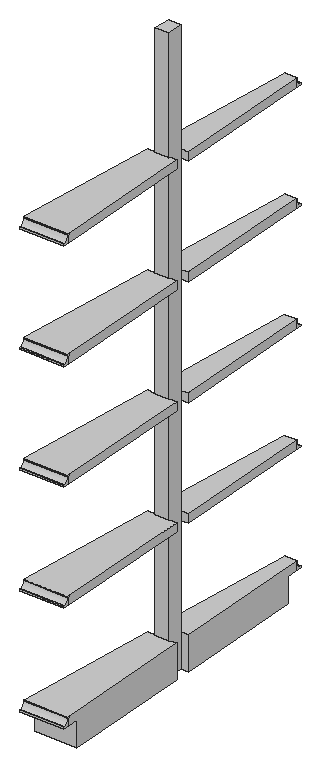
Revit family "RC49", category Specialty Equipment, Revit 2012
Parameters (values of type "Spacer System 6 Degree Radius (Default)")
  URL = "http://madixinc.com/display/maxiline/shelves.html"
  Model = "Spacer System"
  Manufacturer = "© 2012 Madix Inc. All rights reserved."
  Height = 8' - 0"
  Inside Radius Base Shelf [instance] = yes
  Inside Radius 2' Shelf [instance] = yes
  Inside Radius 3' 6" Shelf [instance] = yes
  Inside Radius 5' Shelf [instance] = yes
  Inside Radius 6' 6" Shelf [instance] = yes
  Outside Radiusn Base Shelf [instance] = yes
  Outside Radius 2' Shelf [instance] = yes
  Outside Radius 3' 6" Shelf [instance] = yes
  Outside Radius 5' Shelf [instance] = yes
  Outside Radius 6' 6" Shelf [instance] = yes
  Outside Radius Shelf Depth = 2' - 0"
  Inside Radius Shelf Depth = 2' - 0"
Reference planes (in)
  plane 1 "Center (Front/Back)": y = 0
  plane 2: z = 0
  plane 3 "Center (Left/Right)": x = 0
  plane 4: through (-1, 25.375, 48) normal (0.9986, -0.0523, 0)
  plane 5: through (1, 25.375, 48) normal (0.9986, 0.0523, 0)
  plane 6: through (2.25779, 1.375, 48) normal (-0.0523, 0.9986, 0)
  plane 7: through (2.40191, -1.375, 48) normal (-0.0523, 0.9986, 0)
  plane 8: through (0.81152, 5.12197, 48) normal (0.9986, 0.0523, 0)
  plane 9: through (-2.25779, 1.375, 48) normal (-0.0523, -0.9986, 0)
  plane 10: through (-2.40191, -1.375, 48) normal (-0.0523, -0.9986, 0)
  plane 11: through (-0.81152, 5.12197, 48) normal (0.9986, -0.0523, 0)
  plane 12: y = 1.30967
  plane 13: y = -1.44033
  plane 14: z = 5.5
  plane 15: y = -25.44033
  plane 16: y = 25.30967
  plane 17: y = -23.44033
  plane 18: y = 23.30967
  plane 19: z = 4.125
  plane 20: y = -25.31533
  plane 21: z = 23.5
  plane 22: z = 22.125
  plane 23: z = 41.5
  plane 24: z = 59.5
  plane 25: z = 77.5
  plane 26: z = 40.125
  plane 27: z = 58.125
  plane 28: z = 76.125
  plane 29: y = 25.43467
  plane 30: z = 96
Forms (in)
  Extrusion 1, solid, material "Metal - Steel"
    sketch origin (0, 0, 0) x (1, 0, 0) y (0, 1, 0)
      loop
        line (-1.01131, 1.30967) -> (-1.15543, -1.44033) -> (1.15543, -1.44033) -> (1.01131, 1.30967) -> (-1.01131, 1.30967)
    from 0 to 96
  Extrusion 2, solid, material "Metal - Steel"
    sketch origin (0, 0, 0) x (1, 0, 0) y (0, 1, 0)
      loop
        line (-1.01131, 1.30967) -> (1.01131, 1.30967) -> (2.25779, 1.375) -> (1.00997, 25.18467) -> (-1.00997, 25.18467) -> (-2.25779, 1.375) -> (-1.01131, 1.30967)
    from 4.125 to 5.5
  Extrusion 3, solid, material "Metal - Steel"
    sketch origin (0, 0, 0) x (1, 0, 0) y (0, 1, 0)
      loop
        line (-3.5583, -23.44033) -> (3.5583, -23.44033) -> (2.40191, -1.375) -> (1.15543, -1.44033) -> (-1.15543, -1.44033) -> (-2.40191, -1.375) -> (-3.5583, -23.44033)
    from 0 to 4.125
  Extrusion 4, solid, material "Metal - Steel"
    sketch origin (0, 0, 0) x (1, 0, 0) y (0, 1, 0)
      loop
        line (-2.25779, 1.375) -> (-1.01131, 1.30967) -> (1.01131, 1.30967) -> (2.25779, 1.375) -> (1.10824, 23.30967) -> (-1.10824, 23.30967) -> (-2.25779, 1.375)
    from 0 to 4.125
  Extrusion 5, solid, material "Metal - Steel"
    sketch origin (0, 0, 0) x (1, 0, 0) y (0, 1, 0)
      loop
        line (-2.40191, -1.375) -> (-3.65657, -25.31533) -> (3.65657, -25.31533) -> (2.40191, -1.375) -> (1.15543, -1.44033) -> (-1.15543, -1.44033) -> (-2.40191, -1.375)
    from 4.125 to 5.5
  Sweep 6, solid, material "Metal - Steel"
    path in 3D
      loop
        line (-3.65657, -25.31533, 5.5) -> (3.65657, -25.31533, 5.5)
    profile origin (0, -25.31533, 5.5) x (0, 1, 0) y (0, 0, 1)
      loop
        line (0, 0) -> (-0.25, 0) -> (-0.25, -0.125) -> (-0.125, -0.125)
        arc (-0.125, -0.125) -> (-0.38696, -0.76286) -> (-0.875, -1.25) r 1.75
        line (-0.875, -1.25) -> (-0.875, -1.125) -> (-1, -1.125) -> (-1, -1.375) -> (0, -1.375) -> (0, 0)
  Sweep 7, solid, material "Metal - Steel"
    path in 3D
      loop
        line (1.00997, 25.18467, 5.5) -> (-1.00997, 25.18467, 5.5)
    profile origin (0, 25.18467, 5.5) x (0, -1, 0) y (0, 0, 1)
      loop
        line (0, 0) -> (-0.25, 0) -> (-0.25, -0.125) -> (-0.125, -0.125)
        arc (-0.125, -0.125) -> (-0.38696, -0.76286) -> (-0.875, -1.25) r 1.75
        line (-0.875, -1.25) -> (-0.875, -1.125) -> (-1, -1.125) -> (-1, -1.375) -> (0, -1.375) -> (0, 0)
  Extrusion 8, solid, material "Metal - Steel"
    sketch origin (0, 0, 11) x (0, -1, 0) y (1, 0, 0)
      loop
        line (1.375, -2.40191) -> (25.31533, -3.65657) -> (25.31533, 3.65657) -> (1.375, 2.40191) -> (1.44033, 1.15543) -> (1.44033, -1.15543) -> (1.375, -2.40191)
    from 11.125 to 12.5
  Extrusion 9, solid, material "Metal - Steel"
    sketch origin (0, 0, 36) x (1, 0, 0) y (0, 1, 0)
      loop
        line (-2.40191, -1.375) -> (-3.65657, -25.31533) -> (3.65657, -25.31533) -> (2.40191, -1.375) -> (1.15543, -1.44033) -> (-1.15543, -1.44033) -> (-2.40191, -1.375)
    from 4.125 to 5.5
  Extrusion 10, solid, material "Metal - Steel"
    sketch origin (0, 0, 36) x (1, 0, 0) y (0, 1, 0)
      loop
        line (-2.40191, -1.375) -> (-3.65657, -25.31533) -> (3.65657, -25.31533) -> (2.40191, -1.375) -> (1.15543, -1.44033) -> (-1.15543, -1.44033) -> (-2.40191, -1.375)
    from 22.125 to 23.5
  Extrusion 11, solid, material "Metal - Steel"
    sketch origin (0, 0, 80.25) x (0, -1, 0) y (1, 0, 0)
      loop
        line (1.375, -2.40191) -> (25.31533, -3.65657) -> (25.31533, 3.65657) -> (1.375, 2.40191) -> (1.44033, 1.15543) -> (1.44033, -1.15543) -> (1.375, -2.40191)
    from -4.125 to -2.75
  Extrusion 12, solid, material "Metal - Steel"
    sketch origin (0, 0, 11) x (0, -1, 0) y (1, 0, 0)
      loop
        line (-1.30967, -1.01131) -> (-1.30967, 1.01131) -> (-1.375, 2.25779) -> (-25.18467, 1.00997) -> (-25.18467, -1.00997) -> (-1.375, -2.25779) -> (-1.30967, -1.01131)
    from 11.125 to 12.5
  Extrusion 13, solid, material "Metal - Steel"
    sketch origin (0, 0, 36) x (1, 0, 0) y (0, 1, 0)
      loop
        line (-1.01131, 1.30967) -> (1.01131, 1.30967) -> (2.25779, 1.375) -> (1.00997, 25.18467) -> (-1.00997, 25.18467) -> (-2.25779, 1.375) -> (-1.01131, 1.30967)
    from 4.125 to 5.5
  Extrusion 14, solid, material "Metal - Steel"
    sketch origin (0, 0, 47) x (0, -1, 0) y (1, 0, 0)
      loop
        line (-1.30967, -1.01131) -> (-1.30967, 1.01131) -> (-1.375, 2.25779) -> (-25.18467, 1.00997) -> (-25.18467, -1.00997) -> (-1.375, -2.25779) -> (-1.30967, -1.01131)
    from 11.125 to 12.5
  Extrusion 15, solid, material "Metal - Steel"
    sketch origin (0, 0, 72) x (1, 0, 0) y (0, 1, 0)
      loop
        line (-1.01131, 1.30967) -> (1.01131, 1.30967) -> (2.25779, 1.375) -> (1.00997, 25.18467) -> (-1.00997, 25.18467) -> (-2.25779, 1.375) -> (-1.01131, 1.30967)
    from 4.125 to 5.5
  Sweep 16, solid, material "Metal - Steel"
    path in 3D
      loop
        line (-3.65657, -25.31533, 23.5) -> (3.65657, -25.31533, 23.5)
    profile origin (0, -25.31533, 23.5) x (0, 1, 0) y (0, 0, 1)
      loop
        line (0, 0) -> (-0.25, 0) -> (-0.25, -0.125) -> (-0.125, -0.125)
        arc (-0.125, -0.125) -> (-0.38696, -0.76286) -> (-0.875, -1.25) r 1.75
        line (-0.875, -1.25) -> (-0.875, -1.125) -> (-1, -1.125) -> (-1, -1.375) -> (0, -1.375) -> (0, 0)
  Sweep 17, solid, material "Metal - Steel"
    path in 3D
      loop
        line (-3.65657, -25.31533, 41.5) -> (3.65657, -25.31533, 41.5)
    profile origin (0, -25.31533, 41.5) x (0, 1, 0) y (0, 0, 1)
      loop
        arc (-0.125, -0.125) -> (-0.38696, -0.76286) -> (-0.875, -1.25) r 1.75
        line (-0.875, -1.25) -> (-0.875, -1.125) -> (-1, -1.125) -> (-1, -1.375) -> (0, -1.375) -> (0, 0) -> (-0.25, 0) -> (-0.25, -0.125) -> (-0.125, -0.125)
  Sweep 18, solid, material "Metal - Steel"
    path in 3D
      loop
        line (-3.65657, -25.31533, 59.5) -> (3.65657, -25.31533, 59.5)
    profile origin (0, -25.31533, 59.5) x (0, 1, 0) y (0, 0, 1)
      loop
        arc (-0.125, -0.125) -> (-0.38696, -0.76286) -> (-0.875, -1.25) r 1.75
        line (-0.875, -1.25) -> (-0.875, -1.125) -> (-1, -1.125) -> (-1, -1.375) -> (0, -1.375) -> (0, 0) -> (-0.25, 0) -> (-0.25, -0.125) -> (-0.125, -0.125)
  Sweep 19, solid, material "Metal - Steel"
    path in 3D
      loop
        line (-3.65657, -25.31533, 77.5) -> (3.65657, -25.31533, 77.5)
    profile origin (0, -25.31533, 77.5) x (0, 1, 0) y (0, 0, 1)
      loop
        arc (-0.125, -0.125) -> (-0.38696, -0.76286) -> (-0.875, -1.25) r 1.75
        line (-0.875, -1.25) -> (-0.875, -1.125) -> (-1, -1.125) -> (-1, -1.375) -> (0, -1.375) -> (0, 0) -> (-0.25, 0) -> (-0.25, -0.125) -> (-0.125, -0.125)
  Sweep 20, solid, material "Metal - Steel"
    path in 3D
      loop
        line (1.00997, 25.18467, 23.5) -> (-1.00997, 25.18467, 23.5)
    profile origin (0, 25.18467, 23.5) x (0, -1, 0) y (0, 0, 1)
      loop
        arc (-0.125, -0.125) -> (-0.38696, -0.76286) -> (-0.875, -1.25) r 1.75
        line (-0.875, -1.25) -> (-0.875, -1.125) -> (-1, -1.125) -> (-1, -1.375) -> (0, -1.375) -> (0, 0) -> (-0.25, 0) -> (-0.25, -0.125) -> (-0.125, -0.125)
  Sweep 21, solid, material "Metal - Steel"
    path in 3D
      loop
        line (1.00997, 25.18467, 41.5) -> (-1.00997, 25.18467, 41.5)
    profile origin (0, 25.18467, 41.5) x (0, -1, 0) y (0, 0, 1)
      loop
        arc (-0.125, -0.125) -> (-0.38696, -0.76286) -> (-0.875, -1.25) r 1.75
        line (-0.875, -1.25) -> (-0.875, -1.125) -> (-1, -1.125) -> (-1, -1.375) -> (0, -1.375) -> (0, 0) -> (-0.25, 0) -> (-0.25, -0.125) -> (-0.125, -0.125)
  Sweep 22, solid, material "Metal - Steel"
    path in 3D
      loop
        line (1.00997, 25.18467, 59.5) -> (-1.00997, 25.18467, 59.5)
    profile origin (0, 25.18467, 59.5) x (0, -1, 0) y (0, 0, 1)
      loop
        line (0, -1.375) -> (0, 0) -> (-0.25, 0) -> (-0.25, -0.125) -> (-0.125, -0.125)
        arc (-0.125, -0.125) -> (-0.38696, -0.76286) -> (-0.875, -1.25) r 1.75
        line (-0.875, -1.25) -> (-0.875, -1.125) -> (-1, -1.125) -> (-1, -1.375) -> (0, -1.375)
  Sweep 23, solid, material "Metal - Steel"
    path in 3D
      loop
        line (1.00997, 25.18467, 77.5) -> (-1.00997, 25.18467, 77.5)
    profile origin (0, 25.18467, 77.5) x (0, -1, 0) y (0, 0, 1)
      loop
        arc (-0.125, -0.125) -> (-0.38696, -0.76286) -> (-0.875, -1.25) r 1.75
        line (-0.875, -1.25) -> (-0.875, -1.125) -> (-1, -1.125) -> (-1, -1.375) -> (0, -1.375) -> (0, 0) -> (-0.25, 0) -> (-0.25, -0.125) -> (-0.125, -0.125)
Cuts and joins
  joined: Extrusion 3, Extrusion 5, Sweep 6
  joined: Extrusion 2, Extrusion 4, Sweep 7
  joined: Extrusion 8, Sweep 16
  joined: Extrusion 9, Sweep 17
  joined: Extrusion 10, Sweep 18
  joined: Extrusion 11, Sweep 19
  joined: Extrusion 15, Sweep 23
  joined: Extrusion 14, Sweep 22
  joined: Extrusion 13, Sweep 21
  joined: Extrusion 12, Sweep 20
Lines and regions (in)
  sketch lines
    curve 1: line (-3.65657, -25.31533, 5.5) -> (3.65657, -25.31533, 5.5)
    curve 2: line (1.00997, 25.18467, 5.5) -> (-1.00997, 25.18467, 5.5)
    curve 3: line (-3.65657, -25.31533, 23.5) -> (3.65657, -25.31533, 23.5)
    curve 4: line (-3.65657, -25.31533, 41.5) -> (3.65657, -25.31533, 41.5)
    curve 5: line (-3.65657, -25.31533, 59.5) -> (3.65657, -25.31533, 59.5)
    curve 6: line (-3.65657, -25.31533, 77.5) -> (3.65657, -25.31533, 77.5)
    curve 7: line (1.00997, 25.18467, 23.5) -> (-1.00997, 25.18467, 23.5)
    curve 8: line (1.00997, 25.18467, 41.5) -> (-1.00997, 25.18467, 41.5)
    curve 9: line (1.00997, 25.18467, 59.5) -> (-1.00997, 25.18467, 59.5)
    curve 10: line (1.00997, 25.18467, 77.5) -> (-1.00997, 25.18467, 77.5)
Dimensions and locks (in)
  "Outside Radius Shelf Depth": plane 13 to plane 15
  "Inside Radius Shelf Depth": plane 16 to plane 12
  locked: plane 17 to plane 15 at 2
  locked: plane 16 to plane 18 at 2
  locked: plane 15 to plane 20 at 0.125
  locked: plane 16 to plane 29 at 0.125
  plane 1 "Center (Front/Back)" to Extrusion 1 = 0' - 1.44033"
  "Height": plane 30 to level
  aligned and locked: level to plane 2
  aligned and locked: plane 12 to Extrusion 1
  aligned and locked: plane 13 to Extrusion 1
  aligned and locked: plane 20 to Extrusion 8
  aligned and locked: Extrusion 8 to Extrusion 1
  aligned and locked: Extrusion 9 to Extrusion 1
  aligned and locked: plane 20 to Extrusion 9
  aligned and locked: plane 20 to Extrusion 10
  aligned and locked: Extrusion 10 to Extrusion 1
  aligned and locked: Extrusion 11 to Extrusion 1
  aligned and locked: plane 20 to Extrusion 11
  aligned and locked: Extrusion 12 to Extrusion 1
  aligned and locked: Extrusion 13 to Extrusion 1
  aligned and locked: Extrusion 14 to Extrusion 1
  aligned and locked: Extrusion 15 to Extrusion 1
  aligned and locked: plane 29 to cut or joined group of Extrusion 2, Extrusion 4, Sweep 7
  aligned and locked: plane 30 to Extrusion 1
Automatic sketch dimensions
  Extrusion 1 sketch curve to plane 10 = 0' - 0"
  Extrusion 1 sketch curve to plane 11 = 0' - 0"  (x2)
  Extrusion 1 sketch curve to plane 9 = 0' - 0"
  Extrusion 1 sketch curve to plane 6 = 0' - 0"
  Extrusion 1 sketch curve to plane 7 = 0' - 0"
  plane 4 to Extrusion 2 sketch curve = 0' - 0"  (x2)
  Extrusion 2 sketch curve to plane 9 = 0' - 0"
  Extrusion 2 sketch curve to plane 11 = 0' - 0"
  Extrusion 2 sketch curve to plane 6 = 0' - 0"
  plane 5 to Extrusion 2 sketch curve = 0' - 0"  (x2)
  Extrusion 2 sketch curve to plane 16 = 0' - 0 1/8"
  plane 4 to Extrusion 3 sketch curve = 0' - 0"  (x2)
  Extrusion 3 sketch curve to plane 17 = 0' - 0"
  Extrusion 3 sketch curve to plane 10 = 0' - 0"
  Extrusion 3 sketch curve to plane 11 = 0' - 0"
  Extrusion 3 sketch curve to plane 7 = 0' - 0"  (x2)
  plane 5 to Extrusion 3 sketch curve = 0' - 0"
  plane 4 to Extrusion 4 sketch curve = 0' - 0"  (x2)
  Extrusion 4 sketch curve to plane 9 = 0' - 0"
  Extrusion 4 sketch curve to plane 18 = 0' - 0"
  Extrusion 4 sketch curve to plane 11 = 0' - 0"
  Extrusion 4 sketch curve to plane 6 = 0' - 0"
  plane 5 to Extrusion 4 sketch curve = 0' - 0"  (x2)
  plane 4 to Extrusion 5 sketch curve = 0' - 0"  (x2)
  plane 20 to Extrusion 5 sketch curve = 0' - 0"
  Extrusion 5 sketch curve to plane 10 = 0' - 0"
  Extrusion 5 sketch curve to plane 11 = 0' - 0"
  Extrusion 5 sketch curve to plane 7 = 0' - 0"  (x2)
  plane 5 to Extrusion 5 sketch curve = 0' - 0"
  Sweep 6 sketch curve to profile plane = 0' - 0"  (x2)
  profile plane to Sweep 6 sketch curve = 0' - 0 1/8"
  Sweep 6 sketch curve to Sweep 6 sketch curve = 0' - 0 1/8"  (x4)
  profile plane to Sweep 6 sketch curve = 0' - 0 7/8"
  profile plane to Sweep 6 sketch curve = 0' - 0.20787"
  Sweep 6 sketch curve to Sweep 6 sketch curve = 0' - 0.84305"
  Sweep 6 sketch curve to profile plane = 0' - 0 1/8"
  Sweep 7 sketch curve to profile plane = 0' - 0"  (x2)
  profile plane to Sweep 7 sketch curve = 0' - 0 1/8"
  Sweep 7 sketch curve to Sweep 7 sketch curve = 0' - 0 1/8"  (x4)
  profile plane to Sweep 7 sketch curve = 0' - 0 7/8"
  profile plane to Sweep 7 sketch curve = 0' - 0.20787"
  Sweep 7 sketch curve to Sweep 7 sketch curve = 0' - 0.84305"
  Sweep 7 sketch curve to profile plane = 0' - 0 1/8"
  plane 4 to Extrusion 8 sketch curve = 0' - 0"  (x2)
  Extrusion 8 sketch curve to plane 10 = 0' - 0"
  plane 5 to Extrusion 8 sketch curve = 0' - 0"
  Extrusion 8 sketch curve to plane 7 = 0' - 0"  (x2)
  Extrusion 8 sketch curve to plane 8 = 0' - 0"
  plane 20 to Extrusion 8 sketch curve = 0' - 0"
  plane 4 to Extrusion 9 sketch curve = 0' - 0"  (x2)
  plane 20 to Extrusion 9 sketch curve = 0' - 0"
  Extrusion 9 sketch curve to plane 10 = 0' - 0"
  Extrusion 9 sketch curve to plane 11 = 0' - 0"
  Extrusion 9 sketch curve to plane 7 = 0' - 0"  (x2)
  plane 5 to Extrusion 9 sketch curve = 0' - 0"
  plane 4 to Extrusion 10 sketch curve = 0' - 0"  (x2)
  plane 20 to Extrusion 10 sketch curve = 0' - 0"
  Extrusion 10 sketch curve to plane 10 = 0' - 0"
  Extrusion 10 sketch curve to plane 11 = 0' - 0"
  Extrusion 10 sketch curve to plane 7 = 0' - 0"  (x2)
  plane 5 to Extrusion 10 sketch curve = 0' - 0"
  plane 4 to Extrusion 11 sketch curve = 0' - 0"  (x2)
  Extrusion 11 sketch curve to plane 10 = 0' - 0"
  plane 5 to Extrusion 11 sketch curve = 0' - 0"
  Extrusion 11 sketch curve to plane 7 = 0' - 0"  (x2)
  Extrusion 11 sketch curve to plane 8 = 0' - 0"
  plane 20 to Extrusion 11 sketch curve = 0' - 0"
  plane 5 to Extrusion 12 sketch curve = 0' - 0"  (x2)
  plane 4 to Extrusion 12 sketch curve = 0' - 0"  (x2)
  Extrusion 12 sketch curve to plane 9 = 0' - 0"
  Extrusion 12 sketch curve to plane 6 = 0' - 0"
  Extrusion 12 sketch curve to plane 11 = 0' - 0"
  Extrusion 12 sketch curve to plane 16 = 0' - 0 1/8"
  plane 4 to Extrusion 13 sketch curve = 0' - 0"  (x2)
  Extrusion 13 sketch curve to plane 9 = 0' - 0"
  Extrusion 13 sketch curve to plane 11 = 0' - 0"
  Extrusion 13 sketch curve to plane 6 = 0' - 0"
  plane 5 to Extrusion 13 sketch curve = 0' - 0"  (x2)
  Extrusion 13 sketch curve to plane 16 = 0' - 0 1/8"
  plane 5 to Extrusion 14 sketch curve = 0' - 0"  (x2)
  plane 4 to Extrusion 14 sketch curve = 0' - 0"  (x2)
  Extrusion 14 sketch curve to plane 9 = 0' - 0"
  Extrusion 14 sketch curve to plane 6 = 0' - 0"
  Extrusion 14 sketch curve to plane 11 = 0' - 0"
  Extrusion 14 sketch curve to plane 16 = 0' - 0 1/8"
  plane 4 to Extrusion 15 sketch curve = 0' - 0"  (x2)
  Extrusion 15 sketch curve to plane 9 = 0' - 0"
  Extrusion 15 sketch curve to plane 11 = 0' - 0"
  Extrusion 15 sketch curve to plane 6 = 0' - 0"
  plane 5 to Extrusion 15 sketch curve = 0' - 0"  (x2)
  Extrusion 15 sketch curve to plane 16 = 0' - 0 1/8"
  Sweep 16 sketch curve to profile plane = 0' - 0"  (x2)
  profile plane to Sweep 16 sketch curve = 0' - 0 1/8"
  Sweep 16 sketch curve to Sweep 16 sketch curve = 0' - 0 1/8"  (x4)
  profile plane to Sweep 16 sketch curve = 0' - 0 7/8"
  profile plane to Sweep 16 sketch curve = 0' - 0.20787"
  Sweep 16 sketch curve to Sweep 16 sketch curve = 0' - 0.84305"
  Sweep 16 sketch curve to profile plane = 0' - 0 1/8"
  Sweep 17 sketch curve to profile plane = 0' - 0"  (x2)
  profile plane to Sweep 17 sketch curve = 0' - 0 1/8"
  Sweep 17 sketch curve to Sweep 17 sketch curve = 0' - 0 1/8"  (x4)
  profile plane to Sweep 17 sketch curve = 0' - 0 7/8"
  profile plane to Sweep 17 sketch curve = 0' - 0.20787"
  Sweep 17 sketch curve to Sweep 17 sketch curve = 0' - 0.84305"
  Sweep 17 sketch curve to profile plane = 0' - 0 1/8"
  Sweep 18 sketch curve to profile plane = 0' - 0"  (x2)
  profile plane to Sweep 18 sketch curve = 0' - 0 1/8"
  Sweep 18 sketch curve to Sweep 18 sketch curve = 0' - 0 1/8"  (x4)
  profile plane to Sweep 18 sketch curve = 0' - 0 7/8"
  profile plane to Sweep 18 sketch curve = 0' - 0.20787"
  Sweep 18 sketch curve to Sweep 18 sketch curve = 0' - 0.84305"
  Sweep 18 sketch curve to profile plane = 0' - 0 1/8"
  Sweep 19 sketch curve to profile plane = 0' - 0"  (x2)
  profile plane to Sweep 19 sketch curve = 0' - 0 1/8"
  Sweep 19 sketch curve to Sweep 19 sketch curve = 0' - 0 1/8"  (x4)
  profile plane to Sweep 19 sketch curve = 0' - 0 7/8"
  profile plane to Sweep 19 sketch curve = 0' - 0.20787"
  Sweep 19 sketch curve to Sweep 19 sketch curve = 0' - 0.84305"
  Sweep 19 sketch curve to profile plane = 0' - 0 1/8"
  Sweep 20 sketch curve to profile plane = 0' - 0"  (x2)
  profile plane to Sweep 20 sketch curve = 0' - 0 1/8"
  Sweep 20 sketch curve to Sweep 20 sketch curve = 0' - 0 1/8"  (x4)
  profile plane to Sweep 20 sketch curve = 0' - 0 7/8"
  profile plane to Sweep 20 sketch curve = 0' - 0.20787"
  Sweep 20 sketch curve to Sweep 20 sketch curve = 0' - 0.84305"
  Sweep 20 sketch curve to profile plane = 0' - 0 1/8"
  Sweep 21 sketch curve to profile plane = 0' - 0"  (x2)
  profile plane to Sweep 21 sketch curve = 0' - 0 1/8"
  Sweep 21 sketch curve to Sweep 21 sketch curve = 0' - 0 1/8"  (x4)
  profile plane to Sweep 21 sketch curve = 0' - 0 7/8"
  profile plane to Sweep 21 sketch curve = 0' - 0.20787"
  Sweep 21 sketch curve to Sweep 21 sketch curve = 0' - 0.84305"
  Sweep 21 sketch curve to profile plane = 0' - 0 1/8"
  Sweep 22 sketch curve to profile plane = 0' - 0"  (x2)
  profile plane to Sweep 22 sketch curve = 0' - 0 1/8"
  Sweep 22 sketch curve to Sweep 22 sketch curve = 0' - 0 1/8"  (x4)
  profile plane to Sweep 22 sketch curve = 0' - 0 7/8"
  profile plane to Sweep 22 sketch curve = 0' - 0.20787"
  Sweep 22 sketch curve to Sweep 22 sketch curve = 0' - 0.84305"
  Sweep 22 sketch curve to profile plane = 0' - 0 1/8"
  Sweep 23 sketch curve to profile plane = 0' - 0"  (x2)
  profile plane to Sweep 23 sketch curve = 0' - 0 1/8"
  Sweep 23 sketch curve to Sweep 23 sketch curve = 0' - 0 1/8"  (x4)
  profile plane to Sweep 23 sketch curve = 0' - 0 7/8"
  profile plane to Sweep 23 sketch curve = 0' - 0.20787"
  Sweep 23 sketch curve to Sweep 23 sketch curve = 0' - 0.84305"
  Sweep 23 sketch curve to profile plane = 0' - 0 1/8"
